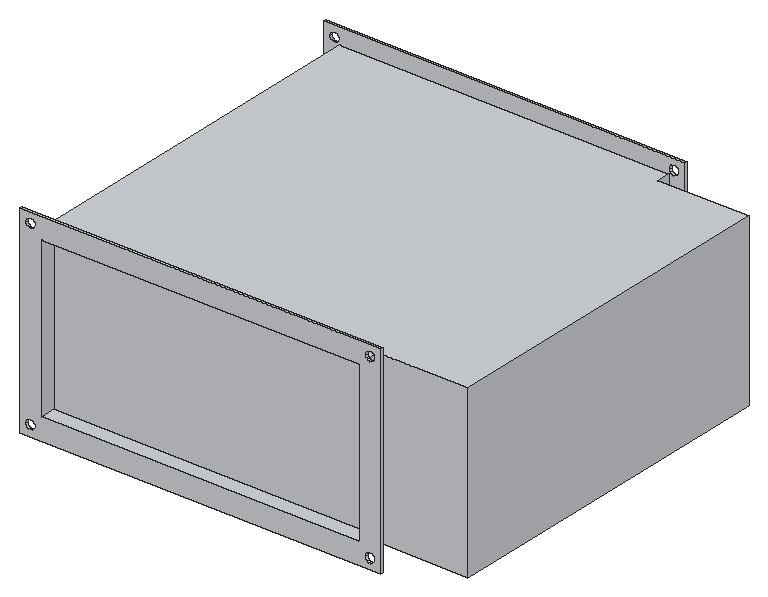
Revit family "5.Электрический нагреватель для прямоугольных каналов ELN", category Оборудование, Revit 2016
Family settings
  Тип детали = Нормальный
  Размер круглого соединителя = Использовать диаметр
  На основе рабочей плоскости = Нет
  Всегда вертикально = Да
  При загрузке вырезать с полостями = Нет
  Общий = Нет
  Точка расчета площади = Нет
Parameters (values of type "30-15/3")
  ножки(да/нет) [instance] = no
  буква справа [instance] = yes
  буква слева [instance] = yes
  Ширина = А  # 300 mm
  Частотный преобразователь [instance] = no
  Тип, марка, обозначение = "ELN 30-15/3"
  Теплопроизводительность, кВт = ""
  Сила тока J, А = "13,1"
  Регулятор расхода [instance] = no
  Размер В = 320 mm
  Раздел = "ОВ"
  Примечание = ""
  Позиция = ""
  Напряжение U,В = "1-220"
  Наименование и тех.хар-ка = "Электрический нагреватель для прямоугольных каналов"  # constant formula
  Мощность, кВт = 3 W
  Материал = Сталь серая
  Масса единицы = "7 кг"
  И1 = И - 4 mm  # 356 mm
  Ж2 = (Ж - Д) / 2  # 35 mm
  Ж = 410 mm
  Код, оборудования = ""
  Ключевая пометка = "Вентиляция"
  Д = 340 mm
  Задание электрикам [instance] = no
  Задание автоматчикам [instance] = no
  Завод изготовитель = "KORF"  # constant formula
  Единица измерения = "шт."  # constant formula
  И = 360 mm
  Г = 170 mm
  Е = 190 mm
  Высота = Б  # 150 mm
  Б2 = Е / 9  # 21.111 mm
  Б = 150 mm
  А = 300 mm
  К = 9 mm
  Глубина среза = 15 mm
  d = 15 mm
  DRAWING NAME = ""
Types (29, lengths in mm): name | Ширина | Тип, марка, обозначение | Сила тока J, А | Размер В | Напряжение U,В | Мощность, кВт | Масса единицы | И1 | Ж2 | Ж | Д | И | Г | Е | Высота | Б2 | Б | А | К | Глубина среза
  30-15/3 | 300 | "ELN 30-15/3" | "13,1" | 320 | "1-220" | 3 W | "7 кг" | 356 | 35 | 410 | 340 | 360 | 170 | 190 | 150 | 21.111 | 150 | 300 | 9 | 15
  30-15/4.5 | 300 | "ELN 30-15/4.5" | "19,1" | 320 | "1-220" | 4.5 W | "7.4 кг" | 356 | 35 | 410 | 340 | 360 | 170 | 190 | 150 | 21.111 | 150 | 300 | 9 | 15
  40-20/6 | 400 | "ELN 40-20/6" | "9,1" | 420 | "3-380" | 6 W | "16 кг" | 386 | 35 | 510 | 440 | 390 | 220 | 240 | 200 | 26.667 | 200 | 400 | 9 | 15
  40-20/12 | 400 | "ELN 40-20/12" | "18,1" | 420 | "3-380" | 12 W | "16 кг" | 506 | 35 | 510 | 440 | 510 | 220 | 240 | 200 | 26.667 | 200 | 400 | 9 | 15
  50-25/7.5 | 500 | "ELN 50-25/7.5" | "11,3" | 520 | "3-380" | 7.5 W | "11 кг" | 386 | 35 | 610 | 540 | 390 | 270 | 290 | 250 | 32.222 | 250 | 500 | 9 | 15
  50-25/15 | 500 | "ELN 50-25/15" | "22,6" | 520 | "3-380" | 15 W | "15 кг" | 506 | 35 | 610 | 540 | 510 | 270 | 290 | 250 | 32.222 | 250 | 500 | 9 | 15
  50-25/22.5 | 500 | "ELN 50-25/22.5" | "33,9" | 520 | "3-380" | 22.5 W | "19 кг" | 626 | 35 | 610 | 540 | 630 | 270 | 290 | 250 | 32.222 | 250 | 500 | 9 | 15
  50-30/7.5 | 500 | "ELN 50-30/7.5" | "11,3" | 520 | "3-380" | 7.5 W | "11.5 кг" | 386 | 35 | 610 | 540 | 390 | 320 | 340 | 300 | 37.778 | 300 | 500 | 9 | 15
  50-30/15 | 500 | "ELN 50-30/15" | "22,6" | 520 | "3-380" | 15 W | "15.7 кг" | 506 | 35 | 610 | 540 | 510 | 320 | 340 | 300 | 37.778 | 300 | 500 | 9 | 15
  50-30/22.5 | 500 | "ELN 50-30/22.5" | "33,9" | 520 | "3-380" | 22.5 W | "19.8 кг" | 626 | 35 | 610 | 540 | 630 | 320 | 340 | 300 | 37.778 | 300 | 500 | 9 | 15
  60-30/15 | 600 | "ELN 60-30/15" | "22,6" | 620 | "3-380" | 15 W | "16.8 кг" | 506 | 35 | 710 | 640 | 510 | 320 | 340 | 300 | 37.778 | 300 | 600 | 9 | 15
  60-30/22.5 | 600 | "ELN 60-30/22.5" | "33,9" | 620 | "3-380" | 22.5 W | "22.4 кг" | 626 | 35 | 710 | 640 | 630 | 320 | 340 | 300 | 37.778 | 300 | 600 | 9 | 15
  60-30/30 | 600 | "ELN 60-30/30" | "45,1" | 620 | "3-380" | 30 W | "26.4 кг" | 746 | 35 | 710 | 640 | 750 | 320 | 340 | 300 | 37.778 | 300 | 600 | 9 | 15
  60-35/15 | 600 | "ELN 60-35/15" | "22,6" | 620 | "3-380" | 15 W | "17.5 кг" | 506 | 35 | 710 | 640 | 510 | 370 | 390 | 350 | 43.333 | 350 | 600 | 9 | 15
  60-35/22.5 | 600 | "ELN 60-35/22.5" | "33,9" | 620 | "3-380" | 22.5 W | "24.6 кг" | 626 | 35 | 710 | 640 | 630 | 370 | 390 | 350 | 43.333 | 350 | 600 | 9 | 15
  60-35/30 | 600 | "ELN 60-35/30" | "45,1" | 620 | "3-380" | 30 W | "28.4 кг" | 746 | 35 | 710 | 640 | 750 | 370 | 390 | 350 | 43.333 | 350 | 600 | 9 | 15
  70-40/15 | 700 | "ELN 70-40/15" | "22,6" | 720 | "3-380" | 15 W | "26.7 кг" | 506 | 36 | 812 | 740 | 510 | 420 | 440 | 400 | 48.889 | 400 | 700 | 9 | 15
  70-40/30 | 700 | "ELN 70-40/30" | "45,1" | 720 | "3-380" | 30 W | "27.1 кг" | 506 | 36 | 812 | 740 | 510 | 420 | 440 | 400 | 48.889 | 400 | 700 | 9 | 15
  70-40/45 | 700 | "ELN 70-40/45" | "67,6" | 720 | "3-380" | 45 W | "41.2 кг" | 746 | 45 | 830 | 740 | 750 | 420 | 440 | 400 | 48.889 | 400 | 700 | 9 | 15
  70-40/60 | 700 | "ELN 70-40/60" | "90,1" | 720 | "3-380" | 60 W | "41.2 кг" | 746 | 45 | 830 | 740 | 750 | 420 | 440 | 400 | 48.889 | 400 | 700 | 9 | 15
  80-50/15 | 800 | "ELN 80-50/15" | "22,6" | 820 | "3-380" | 15 W | "31.1 кг" | 506 | 35 | 910 | 840 | 510 | 520 | 540 | 500 | 60 | 500 | 800 | 9 | 15
  80-50/30 | 800 | "ELN 80-50/30" | "45,1" | 820 | "3-380" | 30 W | "31.4 кг" | 506 | 35 | 910 | 840 | 510 | 520 | 540 | 500 | 60 | 500 | 800 | 9 | 15
  80-50/45 | 800 | "ELN 80-50/45" | "67,6" | 820 | "3-380" | 45 W | "45.2 кг" | 746 | 45 | 930 | 840 | 750 | 520 | 540 | 500 | 60 | 500 | 800 | 9 | 15
  80-50/60 | 800 | "ELN 80-50/60" | "90,1" | 820 | "3-380" | 60 W | "45.2 кг" | 746 | 45 | 930 | 840 | 750 | 520 | 540 | 500 | 60 | 500 | 800 | 9 | 15
  90-50/30 | 900 | "ELN 90-50/30" | "45,1" | 930 | "3-380" | 30 W | "31.5 кг" | 509 | 0 | 960 | 960 | 513 | 530 | 560 | 500 | 62.222 | 500 | 900 | 11 | 16
  90-50/45 | 900 | "ELN 90-50/45" | "67,6" | 930 | "3-380" | 45 W | "49.8 кг" | 749 | 0 | 960 | 960 | 753 | 530 | 560 | 500 | 62.222 | 500 | 900 | 11 | 16
  90-50/60 | 900 | "ELN 90-50/60" | "90,1" | 930 | "3-380" | 60 W | "49.8 кг" | 749 | 0 | 960 | 960 | 753 | 530 | 560 | 500 | 62.222 | 500 | 900 | 11 | 16
  100-50/45 | 1000 | "ELN 100-50/45" | "67,6" | 1030 | "3-380" | 45 W | "51 кг" | 749 | 0 | 1060 | 1060 | 753 | 530 | 560 | 500 | 62.222 | 500 | 1000 | 11 | 16
  100-50/60 | 1000 | "ELN 100-50/60" | "90,1" | 1030 | "3-380" | 60 W | "51 кг" | 749 | 0 | 1060 | 1060 | 753 | 530 | 560 | 500 | 62.222 | 500 | 1000 | 11 | 16
Reference planes
  plane 1 "По центру (Вперед/Назад)": y = 0
  plane 2: z = 0
  plane 3 "По центру (Влево/Вправо)": x = 0
  plane 4: y = -180
  plane 5: y = 180
  plane 6: x = -170
  plane 7: x = 170
  plane 8: z = -95
  plane 9: z = 95
  plane 10: z = 85
  plane 11: z = -85
  plane 12: z = 75
  plane 13: z = -75
  plane 14: x = -160
  plane 15: x = -150
  plane 16: x = 160
  plane 17: x = 150
  plane 18: z = 50
  plane 19: z = -50
  plane 20: y = 21.5
  plane 21: y = -21.5
  plane 22: y = 178
  plane 23: y = -178
  plane 24: y = -165
  plane 25: y = 165
  plane 26: x = 240
  plane 27: z = 80
  plane 28: z = -80
  plane 29: z = -21.111
  plane 30: y = 171.931
Forms (mm)
  Extrusion 1, void, not visible
    sketch origin (-345, -245, 50) x (0, -1, 0) y (0, 0, -1)
      loop
        line (-477.965, -475) -> (-477.965, -450) -> (-528.913, -450) -> (-528.913, -475) -> (-477.965, -475)
    from -47.452 to 12
  Extrusion 2, solid, detail levels fine
    sketch origin (0, 0, 0) x (1, 0, 0) y (0, 0, 1)
      loop
        line (-170, 95) -> (-170, -95) -> (170, -95) -> (170, 95) -> (-170, 95)
    from -180 to 180
  Sweep 3, void
    path in 3D
      loop
        line (-170, -180, 95) -> (-170, -180, -95) -> (170, -180, -95) -> (170, -180, 95) -> (-170, -180, 95)
    profile origin (0, -180, 95) x (0, -1, 0) y (0, 0, 1)
      loop
        line (-358, 0) -> (-358, -15) -> (-2, -15) -> (-2, 0) -> (-358, 0)
  Extrusion 4, void
    sketch origin (0, 0, 0) x (1, 0, 0) y (0, 0, 1)
      loop
        circle (160, 85) r 4.5
      loop
        circle (160, -85) r 4.5
      loop
        circle (-160, -85) r 4.5
      loop
        circle (-160, 85) r 4.5
    from -180 to 180
  Extrusion 5, void
    sketch origin (0, 0, 0) x (1, 0, 0) y (0, 0, 1)
      loop
        line (-150, 75) -> (-150, -75) -> (150, -75) -> (150, 75) -> (-150, 75)
    from 165 to 180
  Extrusion 6, void
    sketch origin (0, 0, 0) x (1, 0, 0) y (0, 0, 1)
      loop
        line (150, 75) -> (-150, 75) -> (-150, -75) -> (150, -75) -> (150, 75)
    from -165 to -180
  Extrusion 7, solid, detail levels fine
    sketch origin (0, 0, 0) x (1, 0, 0) y (0, 0, 1)
      loop
        line (150, 80) -> (150, -80) -> (240, -80) -> (240, 80) -> (150, 80)
    from -165 to 165
Cuts and joins
  Sweep 3, Extrusion 4, Extrusion 5, Extrusion 6 cuts Extrusion 2
  joined: Extrusion 2, Extrusion 7
Lines and regions (mm)
  sketch lines
    curve 1: line (170, -180, 95) -> (-170, -180, 95)
    curve 2: line (170, -180, -95) -> (170, -180, 95)
    curve 3: line (-170, -180, -95) -> (170, -180, -95)
    curve 4: line (-170, -180, 95) -> (-170, -180, -95)
  model lines, detail levels coarse
    curve 5: line (-170, 180, 0) -> (170, 180, 0)
    curve 6: line (-170, -180, 0) -> (-170, 180, 0)
    curve 7: line (170, -180, 0) -> (-170, -180, 0)
    curve 8: line (170, 180, 0) -> (170, -180, 0)
    curve 9: circle (0, 0, 0) r 70 normal (0, 0, 1)
    curve 10: line (0, 70, 0) -> (0, -70, 0)
    curve 11: line (-70, 0, 0) -> (70, 0, 0)
  model lines, not visible, detail levels coarse
    curve 12: circle (0, 0, 0) r 70 normal (0, 0, 1)
    curve 13: line (0, 70, 0) -> (0, -70, 0)
    curve 14: line (-70, 0, 0) -> (70, 0, 0)
  model lines, detail levels medium
    curve 15: line (0, 180, 95) -> (0, -180, 95)
    curve 16: line (0, 180, -95) -> (0, 180, 95)
    curve 17: line (0, -180, -95) -> (0, 180, -95)
    curve 18: line (0, -180, 95) -> (0, -180, -95)
    curve 19: circle (0, 0, 0) r 65 normal (1, 0, 0)
    curve 20: line (0, 0, 65) -> (0, 0, -65)
    curve 21: line (0, 65, 0) -> (0, -65, 0)
  model lines, not visible, detail levels medium
    curve 22: circle (0, 0, 0) r 65 normal (1, 0, 0)
    curve 23: line (0, 0, 65) -> (0, 0, -65)
    curve 24: line (0, 65, 0) -> (0, -65, 0)
Dimensions and locks
  equal spacing: plane 4, plane 1 "По центру (Вперед/Назад)", plane 5
  equal spacing: plane 9, level, plane 8
  "Е": plane 9 to plane 8
  equal spacing: plane 7, plane 3 "По центру (Влево/Вправо)", plane 6
  "Д": plane 7 to plane 6
  equal spacing: plane 17, plane 3 "По центру (Влево/Вправо)", plane 15
  "А": plane 17 to plane 15
  equal spacing: plane 16, plane 3 "По центру (Влево/Вправо)", plane 14
  "Размер В": plane 16 to plane 14
  equal spacing: plane 12, level, plane 13
  "Б": plane 12 to plane 13
  equal spacing: plane 10, level, plane 11
  "Г": plane 10 to plane 11
  equal spacing: plane 5, plane 1 "По центру (Вперед/Назад)", plane 4
  "И": plane 5 to plane 4
  equal spacing: plane 18, level, plane 19
  locked: plane 18 to plane 19 at 100
  equal spacing: plane 20, plane 1 "По центру (Вперед/Назад)", plane 21
  locked: plane 20 to plane 21 at 43
  "Глубина среза": Extrusion 2 to Sweep 3 sketch curve
  equal spacing: plane 22, plane 1 "По центру (Вперед/Назад)", plane 23
  "И1": plane 22 to plane 23
  locked: plane 5 to plane 25 at 15
  locked: plane 24 to plane 4 at 15
  "Ж": plane 26 to plane 6
  locked: plane 28 to plane 11 at 5
  locked: plane 10 to plane 27 at 5
  locked: plane 30 to plane 5 at 8.069
  locked: text3d elem to plane 30 at 22.964
  locked: plane 30 to text3d elem at 50
  locked: text3d elem to plane 24 at 50.34
  "К": diameter of Extrusion 4 sketch curve  (x4)
  aligned and locked: level to plane 2
  aligned and locked: plane 9 to Extrusion 2
  aligned and locked: plane 7 to Extrusion 2
  aligned and locked: plane 8 to Extrusion 2
  aligned and locked: Extrusion 2 to plane 6
  aligned and locked: plane 5 to Extrusion 2
  aligned and locked: Extrusion 2 to plane 4
  aligned and locked: plane 22 to Sweep 3 sketch curve
  aligned and locked: Sweep 3 sketch curve to plane 23
  aligned and locked: Extrusion 4 to plane 4
  aligned and locked: plane 5 to Extrusion 4
  aligned and locked: plane 12 to cut or joined group of Extrusion 2, Sweep 3, Extrusion 4, Extrusion 5, Extrusion 6, Extrusion 7  (x2)
  aligned and locked: plane 17 to cut or joined group of Extrusion 2, Sweep 3, Extrusion 4, Extrusion 5, Extrusion 6, Extrusion 7  (x2)
  aligned and locked: cut or joined group of Extrusion 2, Sweep 3, Extrusion 4, Extrusion 5, Extrusion 6, Extrusion 7 to plane 13  (x2)
  aligned and locked: cut or joined group of Extrusion 2, Sweep 3, Extrusion 4, Extrusion 5, Extrusion 6, Extrusion 7 to plane 15  (x2)
  aligned and locked: plane 24 to cut or joined group of Extrusion 2, Sweep 3, Extrusion 4, Extrusion 5, Extrusion 6, Extrusion 7
  aligned and locked: plane 5 to cut or joined group of Extrusion 2, Sweep 3, Extrusion 4, Extrusion 5, Extrusion 6, Extrusion 7
  aligned and locked: cut or joined group of Extrusion 2, Sweep 3, Extrusion 4, Extrusion 5, Extrusion 6, Extrusion 7 to plane 25
  aligned and locked: Extrusion 5 to plane 4
  aligned and locked: plane 26 to Extrusion 7
  aligned and locked: Extrusion 7 to plane 17
  aligned and locked: plane 27 to Extrusion 7
  aligned and locked: Extrusion 7 to plane 28
  aligned and locked: Extrusion 7 to plane 24
  aligned and locked: Extrusion 7 to plane 25
  aligned and locked: curve 5 to cut or joined group of Extrusion 2, Sweep 3, Extrusion 4, Extrusion 5, Extrusion 6, Extrusion 7
  aligned and locked: curve 6 to cut or joined group of Extrusion 2, Sweep 3, Extrusion 4, Extrusion 5, Extrusion 6, Extrusion 7
  aligned and locked: curve 7 to cut or joined group of Extrusion 2, Sweep 3, Extrusion 4, Extrusion 5, Extrusion 6, Extrusion 7
  aligned and locked: curve 8 to cut or joined group of Extrusion 2, Sweep 3, Extrusion 4, Extrusion 5, Extrusion 6, Extrusion 7
  aligned and locked: text3d elem to plane 17
  aligned and locked: curve 15 to cut or joined group of Extrusion 2, Sweep 3, Extrusion 4, Extrusion 5, Extrusion 6, Extrusion 7
  aligned and locked: curve 16 to cut or joined group of Extrusion 2, Sweep 3, Extrusion 4, Extrusion 5, Extrusion 6, Extrusion 7
  aligned and locked: curve 17 to cut or joined group of Extrusion 2, Sweep 3, Extrusion 4, Extrusion 5, Extrusion 6, Extrusion 7
  aligned and locked: curve 18 to cut or joined group of Extrusion 2, Sweep 3, Extrusion 4, Extrusion 5, Extrusion 6, Extrusion 7
  aligned and locked: text3d elem to plane 12  (x2)
Automatic sketch dimensions
  Extrusion 2 sketch curve to plane 3 "По центру (Влево/Вправо)" = 170 mm
  plane 3 "По центру (Влево/Вправо)" to Extrusion 2 sketch curve = 170 mm
  Extrusion 2 sketch curve to level = 95 mm
  level to Extrusion 2 sketch curve = 95 mm
  plane 15 to Extrusion 5 sketch curve = 0 mm
  Extrusion 5 sketch curve to plane 17 = 0 mm
  plane 13 to Extrusion 5 sketch curve = 0 mm
  Extrusion 5 sketch curve to plane 12 = 0 mm
  plane 15 to Extrusion 6 sketch curve = 0 mm
  Extrusion 6 sketch curve to plane 17 = 0 mm
  plane 13 to Extrusion 6 sketch curve = 0 mm
  Extrusion 6 sketch curve to plane 12 = 0 mm
  Extrusion 7 sketch curve to plane 26 = 0 mm
  Extrusion 7 sketch curve to plane 7 = 20 mm
  Extrusion 7 sketch curve to plane 13 = 5 mm
  plane 12 to Extrusion 7 sketch curve = 5 mm
  Sweep 3 sketch curve to profile plane = 0 mm
  Extrusion 4 sketch curve to plane 11 = 0 mm  (x2)
  Extrusion 4 sketch curve to plane 14 = 0 mm  (x2)
  Extrusion 4 sketch curve to plane 10 = 0 mm  (x2)
  Extrusion 4 sketch curve to plane 16 = 0 mm  (x2)
Nested families
  nested 1: "крепление 15мм" at (-330, 229.965, 495), type "крепление 15мм", not visible
Connectors
  hvac at (0, -180, 0), driven by "Высота", driven by "Ширина"
    settings: on cut or joined group of Extrusion 2, Sweep 3, Extrusion 4, Extrusion 5, Extrusion 6, Extrusion 7, index 1, duct flow 0.0 L/s, flow factor 0, pres drop 0.0 Pa, loss coef 0, conn angle 0.00°, conn width 300 mm, conn height 150 mm, conn diameter 609.6 mm, duct sys type 28, conn prof type 1, flow config 0, flow direction 0, loss method 0, conn ref index 2, conn util no, is conn primary yes, conn desc ""
  hvac at (0, 180, 0), driven by "Высота", driven by "Ширина"
    settings: on cut or joined group of Extrusion 2, Sweep 3, Extrusion 4, Extrusion 5, Extrusion 6, Extrusion 7, index 2, duct flow 0.0 L/s, flow factor 0, pres drop 0.0 Pa, loss coef 0, conn angle 0.00°, conn width 300 mm, conn height 150 mm, conn diameter 609.6 mm, duct sys type 28, conn prof type 1, flow config 0, flow direction 0, loss method 0, conn ref index 1, conn util no, is conn primary no, conn desc ""
Definition of nested family "крепление 15мм"
  Parameters (values of type "крепление 15мм")
    Материал крепления = none
  Reference planes
    plane 1 "По центру (Вперед/Назад)": y = 0
    plane 2: z = 0
    plane 3 "По центру (Влево/Вправо)": x = 0
  Forms (mm)
    Extrusion 1, solid, material <- "Материал крепления"
      sketch origin (0, 0, 0) x (1, 0, 0) y (0, 1, 0)
        loop
          line (-25, 0) -> (0, 0) -> (0, 18.31) -> (0, 25) -> (-3, 25) -> (-3, 3) -> (-25, 3) -> (-25, 0)
      from 0 to 30
    Extrusion 2, void
      sketch origin (0, 0, 0) x (1, 0, 0) y (0, 1, 0)
        loop
          line (-3, 3) -> (-3, 54.96) -> (-58, 54.96) -> (-58, 3) -> (-3, 3)
      from 0 to 15
  Cuts and joins
    Extrusion 2 cuts Extrusion 1
  Dimensions and locks
    Extrusion 1 sketch curve to Extrusion 1 sketch curve = 3 mm  (x2)
    Extrusion 1 sketch curve to Extrusion 1 sketch curve to plane 3 "По центру (Влево/Вправо)" = 25 mm, 0 mm
    Extrusion 1 sketch curve to Extrusion 1 sketch curve = 25 mm
    aligned and locked: level to plane 2
